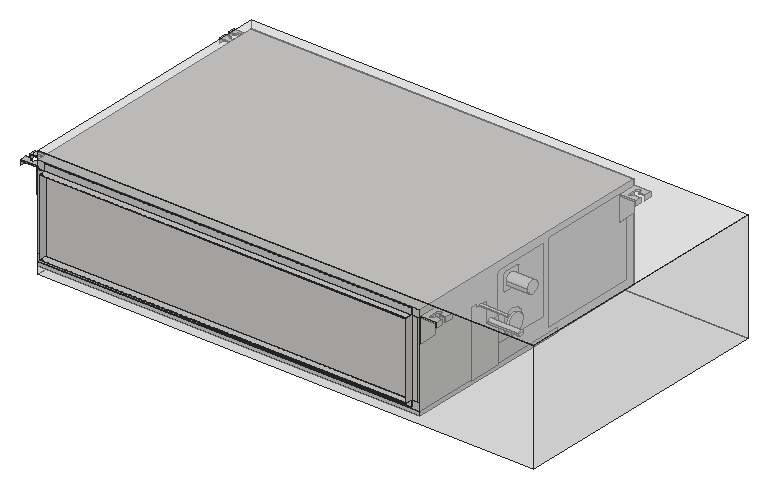
Revit family "outputfile", category 機械設備, Revit 2024
Family settings
  丸型コネクタ寸法 = 半径を使用
  パーツ タイプ = 標準
  OmniClass 番号 = 23.75.10.24.21.27.27
  OmniClass タイトル = Split System Air Conditioning Units
  作業面ベース = いいえ
  常に垂直 = はい
  ロード時にボイドで切り取り = いいえ
  注釈の向きを維持 = いいえ
  共有 = いいえ
  部屋計算ポイント = はい
Parameters (values of type "FPSQ50CV1")
  Description = ""
  書き出し IFC クラス(タイプ) = "IfcUnitaryEquipmentType"
  定義済み IFC タイプ(タイプ) = "AIRCONDITIONINGUNIT"
  Cost = 0
  Type Comments = ""
  Keynote = ""
  Type Image = (empty or 0)
  Assembly Code = ""
  w_RA Duct Size = if(Width = 1000.0 mm, 1000.0 mm, 1400.0 mm)  # 1000.0 mm
  r_HP/LP Gas Pipe Size = 4.75 mm
  lw_HP/LP Gas Pipe Size = 60.0 mm  # constant formula
  lh_HP/LP Gas Pipe Size = -103.0 mm
  ld_mountinghole = 24.0 mm  # constant formula
  ld_HP/LP Gas Pipe Size = 131.0 mm
  製造元 = "Daikin"
  モデル = "FPSQ50CV1"
  w_pipe = 33.0 mm
  r_Liquid Pipe Size = Liquid Pipe Size / 2  # 3.2 mm
  r_Gas Pipe Size = Gas Pipe Size / 2  # 6.35 mm
  r_Drain Pipe Size = Drain Pipe Size / 2  # 16.0 mm
  lw_powersupply = 49.5 mm
  lh_suctionflange [instance] = if(Rear Connection_Return Air, 125.0 mm + [h***], 190.0 mm + [h***])  # 125.0 mm
  ld_suctionflange [instance] = if(Rear Connection_Return Air, 190.0 mm, 126.5 mm)  # 190.0 mm
  ld_powersupply = 60.0 mm
  angle_vertical_RA [instance] = if(Rear Connection_Return Air, 90.00°, 0.00°)  # 90.00°
  angle horizontal_RA [instance] = if(Rear Connection_Return Air, 180.00°, 270.00°)  # 180.00°
  Voltage_comment_50Hz = "220 - 240"
  Voltage_50Hz = 230 V
  URL = ""
  Supply Air Direction [instance] = yes
  Sound Power Level_H speed (dB) = 0
  Rear Connection_Return Air [instance] = not(Bottom Connection_Return Air)  # yes
  RA_length = 190.0 mm  # constant formula
  Phase_50Hz = 1
  Minimum External Static Pressure = 50.00 Pa
  Minimum Circuit Amps_50Hz = 0.9 A
  Maximum Fuse Amps_50Hz = 16.0 A
  Maximum External Static Pressure = 80.00 Pa
  Material_Casing = DAIKIN_GalvanizedSteel_Casing_indoorunit
  lw_liquidpipe = 75.0 mm  # constant formula
  lw_gaspipe = 83.0 mm  # constant formula
  lw_mountinghole_pitch = Width + 45.0 mm  # 1045.0 mm
  lw_mountinghole = 20.0 mm  # constant formula
  lw_drainpipe = 58.0 mm  # constant formula
  lh_powersupply = 20.0 mm
  lh_liquidpipe = 175.0 mm
  lh_gaspipe = 124.0 mm
  lh_mountinghole = Height + [h***]  # 250.0 mm
  lh_drainpipe = 57.0 mm
  lh_antena = 1.0 mm  # constant formula
  ld_liquidpipe = 197.0 mm
  ld_gaspipe = 228.0 mm  # constant formula
  ld_mountinghole_pitch = 651.0 mm  # constant formula
  ld_drainpipe = 403.0 mm  # constant formula
  ld_controlbox = 626.0 mm  # constant formula
  h*** = 0.0 mm  # constant formula
  d_dischargeflange = 19.0 mm  # constant formula
  Width = 1000.0 mm
  Version = "ver.1.0"
  Unit Type = "Middle Static Ceiling Mounted Duct Type"
  Unit Mass Weight = 32.00 kg
  Unit Designation [instance] = ""
  Uniclass2015Version = "Products v1.30"
  Uniclass2015Title = "Variable refrigerant flow units"
  Uniclass2015Code = "Pr_70_65_03_94"
  Total Cooling Capacity [instance] = 0.000 kW
  Sound Pressure Level_M speed (dBA) = 32
  Sound Pressure Level_L speed (dBA) = 29
  Sound Pressure Level_H speed (dBA) = 35
  Series = "VRV HOME_Fan Coil Unit"
  Sensible Cooling Capacity [instance] = 0.000 kW
  SA Duct Size Width = 958.0 mm
  SA Duct Size Height = 198.0 mm
  Refrigerant Type = "R410A"
  RA Duct Size Width = 964.0 mm
  RA Duct Size Height [instance] = if(Rear Connection_Return Air, 214.0 mm, 217.0 mm)  # 214.0 mm
  Power Input (Cooling) = 0.151 kW
  Option Accessory 3 [instance] = ""
  Option Accessory 2 [instance] = ""
  Option Accessory 1 [instance] = ""
  Nominal Cooling Capacity = 5.600 kW
  Minimum Airflow = 738.00 m³/h
  Median Airflow = 894.00 m³/h
  Maximum Airflow = 1056.00 m³/h
  Load Classification = HVAC
  Liquid Pipe Size = 6.4 mm
  Link_Nested Family [instance] = ""
  IfcVersion = ""
  IfcExportType = "AIRCONDITIONINGUNIT"
  IfcExportAs = "IfcUnitaryEquipmentType"
  Height = 250.0 mm
  Heat Exchanger Type = "Cross Fin Coil"
  Gas Pipe Size = 12.7 mm
  Frequency_50Hz = 50 Hz
  Fan Type = "Sirocco Fan"
  Fan Drive = "Direct Drive"
  FCU Tag No. [instance] = ""
  Drain Pipe Size = 32.0 mm
  Design Supply Airflow [instance] = 0.00 m³/h
  Design Return Airflow [instance] = 0.00 m³/h
  Design External Static Pressure [instance] = 0.00 Pa
  Depth = 700.0 mm
  既定の高さ = 0.0 mm
  Cooling Entering Wet Bulb Temperature [instance] = 0.00 °C
  Cooling Entering Dry Bulb Temperature [instance] = 0.00 °C
  Cooling Ambient Wet Bulb Temperature [instance] = 0.00 °C
  Cooling Ambient Dry Bulb Temperature [instance] = 0.00 °C
  Clearance visibility [instance] = yes
  Clearance Top = 20.0 mm
  Clearance Right = 300.0 mm
  Clearance Rear = 0.0 mm
  Clearance Left = 0.0 mm
  Clearance Front = 0.0 mm
  Clearance Bottom = 20.0 mm
  Bottom Connection_Return Air [instance] = no
Reference planes
  plane 1 "Center (Front/Back)": y = 0
  plane 2: z = 0
  plane 3 "Center (Left/Right)": x = 0
  plane 4 "Back": y = 350
  plane 5 "Front": y = -350
  plane 6 "Left": x = -500
  plane 7 "Right": x = 500
  plane 8 "Top": z = 0
  plane 9 "Bottom": z = -250
  plane 10: x = 325
  plane 11: x = -330
  plane 12: z = -230
  plane 13: z = -6
  plane 14: z = -72
  plane 15: z = -75
  plane 16: z = -126
  plane 17: x = -304
  plane 18: x = -522.5
  plane 19: x = 522.5
  plane 20: y = -326
  plane 21: y = 325
  plane 22: x = -542.5
  plane 23: x = 390
  plane 24: x = 575
  plane 25: x = 583
  plane 26: x = 558
  plane 27: z = 0
  plane 28 "Clearance Left": x = -500
  plane 29 "Clearance Right": x = 800
  plane 30 "Clearance Rear": y = 350
  plane 31 "Clearance Front": y = -350
  plane 32 "Clearance Top": z = 20
  plane 33 "Clearance Bottom": z = -270
  plane 34: z = -14
  plane 35: z = -57
  plane 36: z = -146.5
  plane 37: x = 0
  plane 38: y = -122
  plane 39: y = -153
  plane 40: y = -30
  plane 41: y = -53
  plane 42: z = -119
  plane 43: y = -349
  plane 44: x = -499
  plane 45: z = -140
  plane 46: z = -80
  plane 47: y = 210
  plane 48: z = -249
  plane 49: y = 160
  plane 50: z = -151
  plane 51: x = 530
  plane 52: z = 11
  plane 53: z = 97.5
  plane 54: y = -219
Forms (mm)
  Extrusion 1, solid, material "DAIKIN_GalvanizedSteel_Casing_indoorunit" <- "Material_Casing"
    sketch origin (0, 0, 0) x (1, 0, 0) y (0, 1, 0)
      loop
        line (-500, -350) -> (500, -350) -> (500, 350) -> (-500, 350) -> (-500, -350)
    from -250 to 0
  Revolve 2, solid, material "DAIKIN_GalvanizedSteel_Casing_indoorunit" <- "Material_Casing"
    sketch origin (0, 0, -126) x (0, -1, 0) y (1, 0, 0)
      loop
        line (115.65, 500) -> (122, 500) -> (122, 583) -> (115.65, 583) -> (115.65, 500)
      axis (122, 500) -> (122, 583)
    angle from 0 to 360
  Revolve 3, solid, material "DAIKIN_GalvanizedSteel_Casing_indoorunit" <- "Material_Casing"
    sketch origin (0, 0, -75) x (0, -1, 0) y (1, 0, 0)
      loop
        line (153, 500) -> (153, 575) -> (149.8, 575) -> (149.8, 500) -> (153, 500)
      axis (153, 575) -> (153, 500)
    angle from 0 to 360
  Extrusion 4, solid, material "DAIKIN_GalvanizedSteel_Casing_indoorunit" <- "Material_Casing"
    sketch origin (500, 0, 33.75) x (0, 1, 0) y (0, 0, 1)
      loop
        circle (-53, -90.75) r 16
    from 0 to 58
  Extrusion 5, solid, material "DAIKIN_GalvanizedSteel_Casing_indoorunit" <- "Material_Casing"
    sketch origin (0, 0, 0) x (1, 0, 0) y (0, 0, 1)
      loop
        line (-500, -240) -> (-500, -250) -> (500, -250) -> (500, -240) -> (-500, -240)
    from -97 to 350
  Extrusion 6, solid, material "DAIKIN_GalvanizedSteel_Casing_indoorunit" <- "Material_Casing"
    sketch origin (500, 0, 0) x (0, 1, 0) y (0, 0, 1)
      loop
        circle (-49.014, -158.014) r 22.5
    from 11.3 to 0
  Extrusion 7, solid, material "DAIKIN_GalvanizedSteel_Casing_indoorunit" <- "Material_Casing"
    sketch origin (500, 0, 0) x (0, 1, 0) y (0, 0, 1)
      loop
        circle (-49.014, -158.014) r 30
    from 0 to 3
  Extrusion 8, solid, material "DAIKIN_GalvanizedSteel_Casing_indoorunit" <- "Material_Casing"
    sketch origin (500, 0, 0) x (0, 1, 0) y (0, 0, 1)
      loop
        arc (-94.014, -189.014) -> (-93.135, -191.135) -> (-91.014, -192.014) r 3
        line (-91.014, -192.014) -> (49.986, -192.014)
        arc (49.986, -192.014) -> (52.108, -191.135) -> (52.986, -189.014) r 3
        line (52.986, -189.014) -> (52.986, -25.014)
        arc (52.986, -25.014) -> (52.108, -22.892) -> (49.986, -22.014) r 3
        line (49.986, -22.014) -> (-91.014, -22.014)
        arc (-91.014, -22.014) -> (-93.135, -22.892) -> (-94.014, -25.014) r 3
        line (-94.014, -25.014) -> (-94.014, -189.014)
      loop
        line (-78.486, -40.478) -> (-78.486, -73.478)
        arc (-78.486, -73.478) -> (-75.855, -79.845) -> (-69.494, -82.486) r 9
        line (-69.494, -82.486) -> (-36.492, -82.486)
        arc (-36.492, -82.486) -> (-30.134, -79.848) -> (-27.486, -73.494) r 9.023
        line (-27.486, -73.494) -> (-27.486, -40.478)
        arc (-27.486, -40.478) -> (-30.122, -34.122) -> (-36.478, -31.486) r 9
        line (-36.478, -31.486) -> (-69.494, -31.486)
        arc (-69.494, -31.486) -> (-75.85, -34.122) -> (-78.486, -40.478) r 9
    from 0 to 1
  Extrusion 9, solid, material "DAIKIN_GalvanizedSteel_Casing_indoorunit" <- "Material_Casing"
    sketch origin (500, 0, 0) x (0, 1, 0) y (0, 0, 1)
      loop
        line (72.008, -16.198) -> (72.008, -225) -> (324.002, -225) -> (324.002, -83.198) -> (299.002, -83.198) -> (299.002, -16.198) -> (72.008, -16.198)
    from 0 to 1
  Extrusion 10, solid, material "DAIKIN_GalvanizedSteel_Casing_indoorunit"
    sketch origin (500, 0, 0) x (0, 1, 0) y (0, 0, 1)
      loop
        line (-96.045, -240) -> (-96.045, -126.163) -> (-136.045, -126.163) -> (-136.045, -75.163) -> (-166.999, -75.163) -> (-166.999, -70.163) -> (-181.045, -70.163) -> (-181.045, -240) -> (-96.045, -240)
    from 0 to 1
Dimensions and locks
  "lh_powersupply": plane 12 to plane 9 "Bottom"
  locked: plane 8 "Top" to plane 13 at 6
  "Height": plane 8 "Top" to plane 9 "Bottom"
  locked: plane 17 to plane 3 "Center (Left/Right)" at 304
  equal spacing: plane 18, plane 3 "Center (Left/Right)", plane 19
  "lw_mountinghole_pitch": plane 18 to plane 19
  locked: plane 14 to plane 9 "Bottom" at 178
  "lw_mountinghole": plane 22 to plane 18
  "lh_liquidpipe": plane 15 to plane 9 "Bottom"
  "lh_gaspipe": plane 16 to plane 9 "Bottom"
  "lh_mountinghole": plane 27 to plane 9 "Bottom"
  "ld_mountinghole_pitch": plane 21 to plane 20
  equal spacing: plane 6 "Left", plane 3 "Center (Left/Right)", plane 7 "Right"
  "Width": plane 6 "Left" to plane 7 "Right"
  "Clearance Right": plane 7 "Right" to plane 29 "Clearance Right"
  "Clearance Left": plane 28 "Clearance Left" to plane 6 "Left"
  "lw_gaspipe": plane 7 "Right" to plane 25
  "lw_liquidpipe": plane 7 "Right" to plane 24
  "lw_drainpipe": plane 7 "Right" to plane 26
  "Clearance Rear": plane 30 "Clearance Rear" to plane 4 "Back"
  "Clearance Front": plane 5 "Front" to plane 31 "Clearance Front"
  "Clearance Top": plane 32 "Clearance Top" to plane 8 "Top"
  "Clearance Bottom": plane 9 "Bottom" to plane 33 "Clearance Bottom"
  plane 8 "Top" to plane 34 = 14.0 mm
  "lh_drainpipe": plane 8 "Top" to plane 35
  locked: plane 36 to plane 9 "Bottom" at 103.5
  locked: plane 34 to plane 42 at 105
  "Depth": plane 4 "Back" to plane 5 "Front"
  equal spacing: plane 4 "Back", plane 1 "Center (Front/Back)", plane 5 "Front"
  locked: plane 43 to plane 5 "Front" at 1
  locked: plane 44 to plane 6 "Left" at 1
  locked: plane 12 to plane 45 at 90
  plane 47 to nested 13 = 122.0 mm
  locked: plane 48 to plane 9 "Bottom" at 1
  "ld_suctionflange": plane 4 "Back" to plane 49
  locked: plane 50 to plane 9 "Bottom" at 99
  locked: plane 51 to plane 7 "Right" at 30
  "r_Gas Pipe Size": Revolve 2 sketch curve to Revolve 2 sketch curve
  "ld_gaspipe": plane 38 to plane 5 "Front"
  "r_Liquid Pipe Size": Revolve 3 sketch curve to plane 39
  "ld_liquidpipe": plane 39 to plane 5 "Front"
  "ld_drainpipe": plane 4 "Back" to plane 41
  "ld_HP/LP Gas Pipe Size": plane 54 to plane 5 "Front"
  plane 8 "Top" to plane 15 = 75.0 mm
  "ld_mountinghole": plane 20 to plane 5 "Front"
  locked: plane 8 "Top" to nested 16 at 20
  equal spacing: plane 6 "Left", plane 37, plane 7 "Right"
  "ld_gaspipe": plane 5 "Front" to Revolve 2 sketch curve
  locked: plane 46 to plane 9 "Bottom" at 170
  "r_Drain Pipe Size": radius of Extrusion 4 sketch curve
  aligned and locked: level to plane 2
  aligned and locked: Extrusion 1 to plane 9 "Bottom"
  aligned and locked: plane 8 "Top" to Extrusion 1
  aligned and locked: Revolve 2 sketch curve to Revolve 2 sketch curve
  aligned and locked: plane 24 to nested 6
  aligned and locked: nested 6 to plane 15
  aligned and locked: nested 2 to plane 21
  aligned and locked: plane 19 to nested 2
  aligned and locked: plane 19 to nested 3
  aligned and locked: plane 18 to nested 4
  aligned and locked: plane 21 to nested 5
  aligned and locked: nested 5 to plane 21
  aligned and locked: plane 18 to nested 5
  aligned and locked: Extrusion 5 to plane 5 "Front"
  aligned and locked: Extrusion 5 to plane 9 "Bottom"
  aligned and locked: nested 7 to plane 16
  aligned and locked: plane 38 to nested 7
  aligned and locked: plane 39 to nested 6
  aligned and locked: Extrusion 4 sketch curve to plane 41
  aligned and locked: plane 4 "Back" to nested 12
  aligned and locked: plane 29 "Clearance Right" to nested 14
  aligned and locked: plane 28 "Clearance Left" to nested 14
  aligned and locked: nested 14 to plane 31 "Clearance Front"
  aligned and locked: nested 14 to plane 32 "Clearance Top"
  aligned and locked: nested 14 to plane 33 "Clearance Bottom"
  aligned and locked: nested 8 to plane 35
  aligned and locked: nested 10 to plane 1 "Center (Front/Back)"
  aligned and locked: plane 3 "Center (Left/Right)" to nested 10
  aligned and locked: plane 42 to nested 9
  aligned and locked: level to plane 8 "Top"
  aligned and locked: plane 3 "Center (Left/Right)" to nested 1
  aligned and locked: Extrusion 1 sketch curve to plane 5 "Front"
  aligned and locked: plane 3 "Center (Left/Right)" to nested 16
  aligned and locked: plane 5 "Front" to nested 16
  aligned and locked: nested 9 to plane 5 "Front"
  aligned and locked: plane 39 to Revolve 3 sketch curve  (x2)
  aligned and locked: plane 7 "Right" to nested 7
  aligned and locked: plane 7 "Right" to nested 8
  aligned and locked: plane 41 to nested 8
  aligned and locked: plane 1 "Center (Front/Back)" to nested 1
  aligned and locked: nested 4 to plane 20
  aligned and locked: nested 3 to plane 20
  aligned and locked: plane 37 to nested 15
  aligned and locked: nested 15 to plane 49
  aligned and locked: plane 7 "Right" to Revolve 3 sketch curve
  aligned and locked: plane 7 "Right" to Revolve 2 sketch curve
  aligned and locked: Revolve 2 sketch curve to nested 7
  aligned and locked: plane 8 "Top" to nested 12
  aligned and locked: plane 3 "Center (Left/Right)" to nested 12
  aligned and locked: plane 3 "Center (Left/Right)" to nested 13
  aligned and locked: plane 9 "Bottom" to nested 13
  aligned and locked: plane 30 "Clearance Rear" to nested 14
  aligned and locked: plane 4 "Back" to nested 13
  aligned and locked: plane 7 "Right" to nested 11
  aligned and locked: plane 26 to Extrusion 4
Automatic sketch dimensions
  Extrusion 1 sketch curve to plane 4 "Back" = 0.0 mm
  Extrusion 1 sketch curve to plane 6 "Left" = 0.0 mm
  Extrusion 1 sketch curve to plane 7 "Right" = 0.0 mm
  Revolve 2 sketch curve to plane 37 = 57.997 mm
  plane 24 to Revolve 2 sketch curve = 1.003 mm
  Revolve 3 sketch curve to plane 24 = 0.0 mm  (x2)
  Revolve 3 sketch curve to Revolve 3 sketch curve = 1.0 mm
  Extrusion 5 sketch curve to plane 6 "Left" = 0.0 mm
  Extrusion 5 sketch curve to plane 7 "Right" = 0.0 mm
  Extrusion 5 sketch curve to plane 9 "Bottom" = 0.0 mm
  Extrusion 5 sketch curve to plane 12 = 10.0 mm
  plane 35 to Extrusion 4 sketch curve = 0.0 mm
  plane 38 to Extrusion 6 sketch curve = 72.986 mm
  plane 12 to Extrusion 6 sketch curve = 71.986 mm
  plane 41 to Extrusion 7 sketch curve = 3.986 mm
  Extrusion 7 sketch curve to plane 50 = 7.014 mm
  plane 38 to Extrusion 8 sketch curve = 27.986 mm
  Extrusion 8 sketch curve to Extrusion 8 sketch curve = 3.0 mm  (x3)
  Extrusion 8 sketch curve to plane 14 = 1.478 mm
  Extrusion 8 sketch curve to plane 41 = 25.486 mm
  Extrusion 8 sketch curve to plane 46 = 2.486 mm
  Extrusion 8 sketch curve to Extrusion 8 sketch curve = 8.992 mm  (x2)
  Extrusion 8 sketch curve to plane 14 = 1.486 mm
  Extrusion 8 sketch curve to Extrusion 8 sketch curve = 9.0 mm
  Extrusion 8 sketch curve to plane 14 = 1.463 mm
  Extrusion 8 sketch curve to plane 40 = 6.509 mm
  Extrusion 8 sketch curve to plane 40 = 6.492 mm
  Extrusion 8 sketch curve to plane 40 = 6.486 mm
  Extrusion 8 sketch curve to plane 40 = 6.478 mm
  Extrusion 8 sketch curve to plane 14 = 1.494 mm
  Extrusion 8 sketch curve to plane 34 = 8.014 mm
  Extrusion 8 sketch curve to plane 1 "Center (Front/Back)" = 49.986 mm  (x2)
  Extrusion 8 sketch curve to plane 50 = 38.014 mm
  plane 35 to Extrusion 8 sketch curve = 16.514 mm
  Extrusion 8 sketch curve to Extrusion 8 sketch curve = 32.977 mm
  Extrusion 8 sketch curve to Extrusion 8 sketch curve = 0.008 mm
  Extrusion 9 sketch curve to plane 34 = 2.198 mm
  Extrusion 9 sketch curve to plane 1 "Center (Front/Back)" = 72.008 mm
  Extrusion 9 sketch curve to plane 46 = 3.198 mm
  Extrusion 9 sketch curve to plane 21 = 25.998 mm
  Extrusion 9 sketch curve to plane 21 = 0.998 mm  (x2)
  plane 12 to Extrusion 9 sketch curve = 5.0 mm
  plane 48 to Extrusion 10 sketch curve = 9.0 mm
  Extrusion 10 sketch curve to plane 39 = 28.045 mm
  Extrusion 10 sketch curve to plane 15 = 0.163 mm
  Extrusion 10 sketch curve to plane 39 = 13.999 mm
  Extrusion 10 sketch curve to plane 16 = 0.163 mm
  Extrusion 10 sketch curve to plane 38 = 14.045 mm
  plane 38 to Extrusion 10 sketch curve = 25.955 mm
  plane 14 to Extrusion 10 sketch curve = 1.837 mm
  radius of Extrusion 6 sketch curve = 22.5 mm
  radius of Extrusion 7 sketch curve = 30.0 mm
Nested families
  nested 1: "daikin_hangerfixture_FPSQ-CV1" at (0, 0, -15.5), type "daikin_hangerfixture_FPSQ-CV1"
  nested 2: "daikin_mountinghole" at (522.5, 325, -265.5), l_antenna <- "lh_antena", Link_Nested Family <- "Link_Nested Family", h_mountinghole <- "lh_mountinghole", type "daikin_mountinghole"
    with show yes, l_antenna 1.0 mm, h_mountinghole 250.0 mm, Link_Nested Family ""
  nested 3: "daikin_mountinghole" at (522.5, -326, -265.5), Link_Nested Family <- "Link_Nested Family", l_antenna <- "lh_antena", h_mountinghole <- "lh_mountinghole", type "daikin_mountinghole"
    with show yes, l_antenna 1.0 mm, h_mountinghole 250.0 mm, Link_Nested Family ""
  nested 4: "daikin_mountinghole" at (-522.5, -326, -265.5), l_antenna <- "lh_antena", Link_Nested Family <- "Link_Nested Family", h_mountinghole <- "lh_mountinghole", type "daikin_mountinghole"
    with show yes, l_antenna 1.0 mm, h_mountinghole 250.0 mm, Link_Nested Family ""
  nested 5: "daikin_mountinghole" at (-522.5, 325, -265.5), l_antenna <- "lh_antena", Link_Nested Family <- "Link_Nested Family", h_mountinghole <- "lh_mountinghole", type "daikin_mountinghole"
    with show yes, l_antenna 1.0 mm, h_mountinghole 250.0 mm, Link_Nested Family ""
  nested 6: "daikin_connector_rotate2" at (500, -153, -75) x (0, 1, 0) z (0, 0, 1), length <- "lw_liquidpipe", built-in parameter 1001364 <- "lh_liquidpipe", radius <- "r_Liquid Pipe Size", type "daikin_connector_rotate2"
    with radius 3.2 mm, length 75.0 mm, angle_vertical 90.00°
  nested 7: "daikin_connector_rotate2" at (500, -122, -126) x (0, 1, 0) z (0, 0, 1), length <- "lw_gaspipe", built-in parameter 1001364 <- "lh_gaspipe", radius <- "r_Gas Pipe Size", type "daikin_connector_rotate2"
    with radius 6.35 mm, length 83.0 mm, angle_vertical 90.00°
  nested 8: "daikin_connector_rotate2" at (500, -53, -57) x (0, 1, 0) z (0, 0, 1), built-in parameter 1001364 <- "lh_drainpipe", radius <- "r_Drain Pipe Size", length <- "lw_drainpipe", type "daikin_connector_rotate2"
    with radius 16.0 mm, length 58.0 mm, angle_vertical 90.00°
  nested 9: "daikin_connector_rotate2" at (0, -350, -119), length <- "d_dischargeflange", type "daikin_connector_rotate2"
    with radius 10.0 mm, length 19.0 mm, angle_vertical 90.00°
  nested 10: "daikin_△_symbolicline" at (-75, -129.904, 250) x (-0.5, 0.866, 0) z (0, 0, 1), built-in parameter 1001364 <- "Height", visible <- "Supply Air Direction", type "daikin_△_symbolicline"
    with length 300.0 mm
  nested 11: "daikin_connector_rotate2" at (440, 273.008, -220) x (0, 1, 0) z (0, 0, 1), type "daikin_connector_rotate2"
    with radius 10.0 mm, length 60.0 mm, angle_vertical 90.00°
  nested 12: "daikin_ductflange_FPSQ-CV1_2" at (0, 350, -125), material <- "Material_Casing", visible <- "Rear Connection_Return Air", width <- "w_RA Duct Size", type "daikin_ductflange_FPSQ-CV1_2"
    with width 1000.0 mm, material DAIKIN_GalvanizedSteel_Casing_indoorunit, height 214.0 mm, depth 21.2 mm
  nested 13: "daikin_ductflange_FPSQ-CV1_2" at (0, 225, -250) x (1, 0, 0) z (0, 1, 0), material <- "Material_Casing", visible <- "Bottom Connection_Return Air", width <- "w_RA Duct Size", height <- "RA Duct Size Height", type "daikin_ductflange_FPSQ-CV1_2"
    with width 1000.0 mm, material DAIKIN_GalvanizedSteel_Casing_indoorunit, height 214.0 mm, depth 21.0 mm
  nested 14: "daikin_clearancespace" at (150, 0, -124.881), visible <- "Clearance visibility", show <- "Clearance visibility", Link_Nested Family <- "Link_Nested Family", type "daikin_clearancespace"
    with width 1300.0 mm, show yes, height 290.0 mm, depth 700.0 mm, Link_Nested Family ""
  nested 15: "daikin_connector_rotate3" at (0, 160, -125), built-in parameter 1001364 <- "lh_suctionflange", angle_vertical <- "angle_vertical_RA", angle_horizontal <- "angle horizontal_RA", length <- "RA_length", type "daikin_connector_rotate3"
    with show no, radius 10.0 mm, length 190.0 mm, angle_vertical 90.00°, angle_horizontal 180.00°
  nested 16: "daikin_ductflange_FPSQ-CV1_1" at (0, -36.5, -408.201), width <- "SA Duct Size Width", type "daikin_ductflange_FPSQ-CV1_1"
    with width 958.0 mm, material DAIKIN_GalvanizedSteel_Casing_indoorunit, height 200.0 mm, depth 19.0 mm
Connectors
  piping at (583, -122, -126), diameter 12.7, driven by "r_Gas Pipe Size"
    settings: on nested 7, index 1, connector inside diameter 609.6 mm, connector length 0.0 mm, flow factor 0, pipe flow 0.00 m³/h, pressure drop 0.0 Pa, fitting loss kfactor 0, connector angle 0.00°, fixture units 0, engagement length 0.0 mm, angle of deflection 0.00°, flow configuration 1, flow direction 2, fitting loss method 0, system type 29, joint type 0, gender type 0, connector reference index -1, connector utility 0, adjustable connector no, is connector primary yes, connector description "Refrigerant Gas Piping"
  piping at (575, -153, -75), diameter 6.4, driven by "r_Liquid Pipe Size"
    settings: on nested 6, index 2, connector inside diameter 609.6 mm, connector length 0.0 mm, flow factor 0, pipe flow 0.00 m³/h, pressure drop 0.0 Pa, fitting loss kfactor 0, connector angle 0.00°, fixture units 0, engagement length 0.0 mm, angle of deflection 0.00°, flow configuration 1, flow direction 1, fitting loss method 0, system type 29, joint type 0, gender type 0, connector reference index -1, connector utility 0, adjustable connector no, is connector primary no, connector description "Refrigerant Liquid Piping"
  piping at (558, -53, -57), diameter 32, driven by "r_Drain Pipe Size"
    settings: on nested 8, index 3, connector inside diameter 609.6 mm, connector length 0.0 mm, flow factor 0, pipe flow 0.00 m³/h, pressure drop 0.0 Pa, fitting loss kfactor 0, connector angle 0.00°, fixture units 0, engagement length 0.0 mm, angle of deflection 0.00°, flow configuration 1, flow direction 2, fitting loss method 4, system type 16, joint type 0, gender type 0, connector reference index -1, connector utility 0, adjustable connector no, is connector primary no, connector description "Condensate Drain Piping"
  electrical at (500, 273.008, -220), driven by "Load Classification"
    settings: on nested 11, index 9, voltage 0 V, apparent load 0 VA, apparent load phase1 0 VA, apparent load phase2 0 VA, apparent load phase3 0 VA, power factor 1, load classification "HVAC", number of poles 1, system type 30, power factor state 1, is connector primary yes, connector utility no, sub classification motor no, connector description "Power Supply"
  hvac at (0, -369, -119), driven by "SA Duct Size Height", driven by "SA Duct Size Width"
    settings: on nested 9, index 11, duct flow 0.00 m³/h, flow factor 0, pres drop 0.00 Pa, loss coef 0, conn angle 0.00°, conn width 958.0 mm, conn height 198.0 mm, conn diameter 609.6 mm, duct sys type 1, conn prof type 1, flow config 0, flow direction 2, loss method 4, conn ref index -1, conn util no, is conn primary yes, conn desc "SA Duct"
  hvac at (0, 350, -125), driven by "RA Duct Size Height", driven by "RA Duct Size Width"
    settings: on nested 15, index 12, duct flow 0.00 m³/h, flow factor 0, pres drop 0.00 Pa, loss coef 0, conn angle 0.00°, conn width 964.0 mm, conn height 214.0 mm, conn diameter 609.6 mm, duct sys type 2, conn prof type 1, flow config 0, flow direction 1, loss method 4, conn ref index -1, conn util no, is conn primary no, conn desc "RA Duct"
  piping at (583, -122, -126), diameter 12.7, driven by "r_Gas Pipe Size"
    settings: on nested 7, index 13, connector inside diameter 609.6 mm, connector length 0.0 mm, flow factor 0, pipe flow 0.00 m³/h, pressure drop 0.0 Pa, fitting loss kfactor 0, connector angle 0.00°, fixture units 0, engagement length 0.0 mm, angle of deflection 0.00°, flow configuration 1, flow direction 2, fitting loss method 0, system type 29, joint type 0, gender type 0, connector reference index -1, connector utility 0, adjustable connector no, is connector primary no, connector description "Refrigerant Gas Piping"
Definition of nested family "daikin_hangerfixture_FPSQ-CV1"
  Parameters (values of type "daikin_hangerfixture_FPSQ-CV1")
    width = 1000.0 mm
    material = none
    height = 65.0 mm
    depth = 699.0 mm
    Default Elevation = 0.0 mm
  Reference planes
    plane 1 "Center (Front/Back)": y = 0
    plane 2: z = 0
    plane 3 "Center (Left/Right)": x = 0
    plane 4: x = 500
    plane 5: y = 349
    plane 6: y = -350
    plane 7: x = -500
  Forms (mm)
    Extrusion 1, solid, material <- "material"
      sketch origin (0, 0, 0) x (-1, 0, 0) y (0, 0, -1)
        loop
          line (500, 0) -> (545, 0) -> (545, 11.998) -> (542.7, 11.998) -> (542.7, 2.298) -> (502.108, 2.298) -> (502.108, 64.997) -> (500, 64.997) -> (500, 0)
      from -349 to 350
    Extrusion 2, void
      sketch origin (0, 0, 0) x (1, 0, 0) y (0, 1, 0)
        loop
          line (-545, 301) -> (-545, -302) -> (-500, -302) -> (-500, 301) -> (-545, 301)
        loop
          line (-545, -319.499) -> (-545, -332.501) -> (-529.997, -332.501)
          arc (-529.997, -332.501) -> (-529.291, -332.793) -> (-528.998, -333.5) r 0.998
          line (-528.998, -333.5) -> (-528.998, -335)
          arc (-528.998, -335) -> (-522.999, -340.999) -> (-517, -335) r 5.999
          line (-517, -335) -> (-517, -317)
          arc (-517, -317) -> (-522.999, -311.001) -> (-528.998, -317) r 5.999
          line (-528.998, -317) -> (-528.998, -318.5)
          arc (-528.998, -318.5) -> (-529.291, -319.207) -> (-529.997, -319.499) r 0.998
          line (-529.997, -319.499) -> (-545, -319.499)
        loop
          line (-545, 331.502) -> (-545, 318.5) -> (-529.997, 318.5)
          arc (-529.997, 318.5) -> (-529.291, 318.208) -> (-528.998, 317.501) r 0.998
          line (-528.998, 317.501) -> (-528.998, 316.001)
          arc (-528.998, 316.001) -> (-522.999, 310.002) -> (-517, 316.001) r 5.999
          line (-517, 316.001) -> (-517, 334.001)
          arc (-517, 334.001) -> (-522.999, 340) -> (-528.998, 334.001) r 5.999
          line (-528.998, 334.001) -> (-528.998, 332.5)
          arc (-528.998, 332.5) -> (-529.291, 331.794) -> (-529.997, 331.502) r 0.998
          line (-529.997, 331.502) -> (-545, 331.502)
      from 0 to -80
    Extrusion 3, solid, material <- "material"
      sketch origin (0, 0, 0) x (1, 0, 0) y (0, 0, 1)
        loop
          line (500, 0) -> (500, -64.997) -> (502.108, -64.997) -> (502.108, -2.298) -> (542.7, -2.298) -> (542.7, -11.998) -> (545, -11.998) -> (545, 0) -> (500, 0)
      from -349 to 350
    Extrusion 4, void
      sketch origin (0, 0, 0) x (-1, 0, 0) y (0, -1, 0)
        loop
          line (-545, -301) -> (-500, -301) -> (-500, 302) -> (-545, 302) -> (-545, -301)
        loop
          line (-517, 317) -> (-517, 335)
          arc (-517, 335) -> (-522.999, 340.999) -> (-528.998, 335) r 5.999
          line (-528.998, 335) -> (-528.998, 333.5)
          arc (-528.998, 333.5) -> (-529.291, 332.793) -> (-529.997, 332.501) r 0.998
          line (-529.997, 332.501) -> (-545, 332.501) -> (-545, 319.499) -> (-529.997, 319.499)
          arc (-529.997, 319.499) -> (-529.291, 319.207) -> (-528.998, 318.5) r 0.998
          line (-528.998, 318.5) -> (-528.998, 317)
          arc (-528.998, 317) -> (-522.999, 311.001) -> (-517, 317) r 5.999
        loop
          line (-545, -331.502) -> (-529.997, -331.502)
          arc (-529.997, -331.502) -> (-529.291, -331.794) -> (-528.998, -332.5) r 0.998
          line (-528.998, -332.5) -> (-528.998, -334.001)
          arc (-528.998, -334.001) -> (-522.999, -340) -> (-517, -334.001) r 5.999
          line (-517, -334.001) -> (-517, -316.001)
          arc (-517, -316.001) -> (-522.999, -310.002) -> (-528.998, -316.001) r 5.999
          line (-528.998, -316.001) -> (-528.998, -317.501)
          arc (-528.998, -317.501) -> (-529.291, -318.208) -> (-529.997, -318.5) r 0.998
          line (-529.997, -318.5) -> (-545, -318.5) -> (-545, -331.502)
      from 0 to -80
  Cuts and joins
    Extrusion 2, Extrusion 4 cuts Extrusion 1
    Extrusion 4 cuts Extrusion 3
  Dimensions and locks
    plane 5 to plane 1 "Center (Front/Back)" to plane 6 = 349.0 mm, 350.0 mm
    "depth": plane 5 to plane 6
    plane 6 to plane 1 "Center (Front/Back)" to plane 5 = 350.0 mm, 349.0 mm
    equal spacing: plane 7, plane 3 "Center (Left/Right)", plane 4
    "width": plane 7 to plane 4
    plane 7 to Extrusion 1 sketch curve = 2.108 mm
    level to Extrusion 1 sketch curve = 11.998 mm
    plane 7 to Extrusion 1 sketch curve = 45.0 mm
    Extrusion 1 sketch curve to Extrusion 1 sketch curve = 2.3 mm
    plane 2 to Extrusion 1 sketch curve = 64.997 mm
    Extrusion 3 sketch curve to Extrusion 3 sketch curve = 2.3 mm
    aligned and locked: level to plane 2
    aligned and locked: Extrusion 1 sketch curve to plane 7
    aligned and locked: plane 2 to Extrusion 1 sketch curve
    aligned and locked: plane 5 to Extrusion 1
    aligned and locked: plane 6 to Extrusion 1
  Automatic sketch dimensions
    Extrusion 1 sketch curve to level = 2.298 mm
    Extrusion 2 sketch curve to plane 7 = 0.0 mm
    Extrusion 2 sketch curve to plane 7 = 17.0 mm  (x2)
    Extrusion 2 sketch curve to Extrusion 2 sketch curve = 5.999 mm  (x4)
    Extrusion 2 sketch curve to Extrusion 2 sketch curve = 0.998 mm  (x4)
    Extrusion 2 sketch curve to Extrusion 2 sketch curve = 15.003 mm  (x2)
    Extrusion 2 sketch curve to Extrusion 2 sketch curve = 0.0 mm
    plane 6 to Extrusion 2 sketch curve = 15.0 mm
    Extrusion 2 sketch curve to Extrusion 2 sketch curve = 1.5 mm  (x4)
    Extrusion 2 sketch curve to Extrusion 2 sketch curve = 13.002 mm  (x2)
    Extrusion 2 sketch curve to Extrusion 2 sketch curve = 15.0 mm
    Extrusion 2 sketch curve to plane 5 = 48.0 mm
    Extrusion 2 sketch curve to Extrusion 2 sketch curve = 15.001 mm
    Extrusion 3 sketch curve to level = 0.0 mm
    Extrusion 3 sketch curve to plane 4 = 0.0 mm
    plane 4 to Extrusion 3 sketch curve = 2.108 mm
    Extrusion 3 sketch curve to level = 2.298 mm
    Extrusion 3 sketch curve to Extrusion 3 sketch curve = 40.592 mm
    Extrusion 3 sketch curve to Extrusion 3 sketch curve = 9.7 mm
    Extrusion 3 sketch curve to Extrusion 3 sketch curve = 62.7 mm
    Extrusion 4 sketch curve to plane 4 = 0.0 mm
    plane 4 to Extrusion 4 sketch curve = 17.0 mm  (x2)
    Extrusion 4 sketch curve to Extrusion 4 sketch curve = 5.999 mm  (x3)
    Extrusion 4 sketch curve to Extrusion 4 sketch curve = 0.998 mm  (x4)
    Extrusion 4 sketch curve to Extrusion 4 sketch curve = 15.003 mm  (x2)
    Extrusion 4 sketch curve to plane 5 = 14.999 mm
    Extrusion 4 sketch curve to Extrusion 4 sketch curve = 1.5 mm  (x4)
    Extrusion 4 sketch curve to Extrusion 4 sketch curve = 13.002 mm  (x2)
    Extrusion 4 sketch curve to Extrusion 4 sketch curve = 17.5 mm
    plane 6 to Extrusion 4 sketch curve = 48.0 mm
    Extrusion 4 sketch curve to Extrusion 4 sketch curve = 0.0 mm
    Extrusion 4 sketch curve to Extrusion 4 sketch curve = 12.997 mm
    Extrusion 4 sketch curve to Extrusion 4 sketch curve = 15.0 mm
Definition of nested family "daikin_ductflange_FPSQ-CV1_2"
  Parameters (values of type "daikin_ductflange_FPSQ-CV1_2")
    width [instance] = 620.0 mm
    material [instance] = none
    height [instance] = 214.0 mm
    depth [instance] = 21.2 mm
    Default Elevation = 0.0 mm
  Reference planes
    plane 1 "Center (Front/Back)": y = 0
    plane 2: z = 0
    plane 3 "Center (Left/Right)": x = 0
    plane 4: y = -313.5
    plane 5: y = -334.7
    plane 6: x = -310
    plane 7: x = 310
    plane 8: z = 107
    plane 9: z = -107
    plane 10: z = 125
    plane 11: z = -125
    plane 12: x = -309
    plane 13: x = 309
  Forms (mm)
    Extrusion 1, solid, material <- "material"
      sketch origin (0, 0, 0) x (1, 0, 0) y (0, 0, 1)
        loop
          line (-292, 107) -> (-292, -107) -> (292, -107) -> (292, 107) -> (-292, 107)
        loop
          line (-310, -125) -> (310, -125) -> (310, 125) -> (-310, 125) -> (-310, -125)
      from 0 to 1
  Dimensions and locks
    plane 4 to plane 1 "Center (Front/Back)" = 313.5 mm
    "depth": plane 5 to plane 4
    equal spacing: plane 7, plane 3 "Center (Left/Right)", plane 6, locked at 310 each
    "width": plane 7 to plane 6
    equal spacing: plane 8, level, plane 9
    "height": plane 8 to plane 9
    plane 12 to plane 6 = 1.0 mm
    locked: plane 7 to plane 13 at 1
    locked: Extrusion 1 sketch curve to plane 6 at 18
    locked: plane 7 to Extrusion 1 sketch curve at 18
    locked: plane 10 to plane 8 at 18
    locked: plane 9 to plane 11 at 18
    aligned and locked: level to plane 2
    aligned and locked: plane 8 to Extrusion 1
    aligned and locked: plane 9 to Extrusion 1
    aligned and locked: Extrusion 1 sketch curve to plane 10
    aligned and locked: plane 6 to Extrusion 1 sketch curve
    aligned and locked: plane 7 to Extrusion 1 sketch curve
    aligned and locked: Extrusion 1 sketch curve to plane 11
    aligned and locked: plane 9 to Extrusion 1 sketch curve
    aligned and locked: Extrusion 1 sketch curve to plane 8
Definition of nested family "daikin_clearancespace"
  Parameters (values of type "daikin_clearancespace")
    Description = "daikin_clearancespace"
    width [instance] = 1823.963 mm
    show [instance] = yes
    material = none
    height [instance] = 1359.762 mm
    depth [instance] = 880.0 mm
    Default Elevation = 0.0 mm
    Link_Nested Family [instance] = ""
  Reference planes
    plane 1 "Center (Front/Back)": y = 0
    plane 2 "Center (Elevation)": z = -0.119
    plane 3 "Center (Left/Right)": x = 0
    plane 4: y = 440
    plane 5: y = -440
    plane 6 "Right": x = 911.982
    plane 7 "Left": x = -911.982
    plane 8 "Top": z = 679.762
    plane 9 "Bottom": z = -680
  Forms (mm)
    Extrusion 1, solid, material <- "material", visible <- "show"
      sketch origin (0, 0, 0) x (1, 0, 0) y (0, 1, 0)
        loop
          line (-911.982, 440) -> (-911.982, -440) -> (911.982, -440) -> (911.982, 440) -> (-911.982, 440)
      from -680 to 679.762
  Lines and regions (mm)
    symbolic lines, visible <- "show"
      curve 1: line (911.982, 440, 0) -> (-911.982, 440, 0)
      curve 2: line (-911.982, 440, 0) -> (-911.982, -440, 0)
      curve 3: line (-911.982, -440, 0) -> (911.982, -440, 0)
      curve 4: line (911.982, -440, 0) -> (911.982, 440, 0)
      curve 5: line (911.982, 0, 679.762) -> (-911.982, 0, 679.762)
      curve 6: line (911.982, 0, -680) -> (911.982, 0, 679.762)
      curve 7: line (-911.982, 0, -680) -> (911.982, 0, -680)
      curve 8: line (-911.982, 0, 679.762) -> (-911.982, 0, -680)
      curve 9: line (0, 440, 679.762) -> (0, -440, 679.762)
      curve 10: line (0, -440, 679.762) -> (0, -440, -680)
      curve 11: line (0, 440, -680) -> (0, 440, 679.762)
      curve 12: line (0, -440, -680) -> (0, 440, -680)
  Dimensions and locks
    "width": plane 7 "Left" to plane 6 "Right"
    "depth": plane 4 to plane 5
    "height": plane 8 "Top" to plane 9 "Bottom"
    equal spacing: plane 7 "Left", plane 3 "Center (Left/Right)", plane 6 "Right"
    equal spacing: plane 4, plane 1 "Center (Front/Back)", plane 5
    equal spacing: plane 8 "Top", plane 2 "Center (Elevation)", plane 9 "Bottom"
    aligned and locked: level to plane 2 "Center (Elevation)"
    aligned and locked: Extrusion 1 sketch curve to plane 4
    aligned and locked: plane 7 "Left" to Extrusion 1 sketch curve
    aligned and locked: Extrusion 1 sketch curve to plane 5
    aligned and locked: Extrusion 1 sketch curve to plane 6 "Right"
    aligned and locked: plane 8 "Top" to Extrusion 1
    aligned and locked: curve 1 to Extrusion 1
    aligned and locked: curve 2 to Extrusion 1
    aligned and locked: curve 3 to Extrusion 1
    aligned and locked: curve 4 to Extrusion 1
    aligned and locked: curve 5 to Extrusion 1
    aligned and locked: curve 6 to Extrusion 1
    aligned and locked: curve 7 to Extrusion 1
    aligned and locked: curve 8 to Extrusion 1
    aligned and locked: curve 9 to Extrusion 1
    aligned and locked: curve 10 to Extrusion 1
    aligned and locked: curve 11 to Extrusion 1
    aligned and locked: curve 12 to Extrusion 1
    aligned and locked: Extrusion 1 to plane 9 "Bottom"
Definition of nested family "daikin_ductflange_FPSQ-CV1_1"
  Parameters (values of type "daikin_ductflange_FPDQ-APV1_1")
    width [instance] = 660.0 mm
    material [instance] = none
    height [instance] = 155.0 mm
    depth [instance] = 19.0 mm
    Default Elevation = 0.0 mm
  Reference planes
    plane 1 "Center (Front/Back)": y = 0
    plane 2: z = 189.201
    plane 3 "Center (Left/Right)": x = 0
    plane 4: y = -313.5
    plane 5: x = -330
    plane 6: x = 330
    plane 7: y = -332.5
    plane 8: z = 344.201
    plane 9: z = 266.701
    plane 10: z = 343.201
    plane 11: z = 190.201
  Forms (mm)
    Extrusion 1, solid, material <- "material"
      sketch origin (0, 0, 189.201) x (1, 0, 0) y (0, 1, 0)
        loop
          line (-330, -332.5) -> (-330, -313.5) -> (-348.2, -313.5) -> (-348.2, -314.5) -> (-331, -314.5) -> (-331, -332.5) -> (-330, -332.5)
        loop
          line (330, -332.5) -> (331, -332.5) -> (331, -314.5) -> (348.2, -314.5) -> (348.2, -313.5) -> (330, -313.5) -> (330, -332.5)
      from 1 to 154
    Extrusion 2, solid, material <- "material"
      sketch origin (0, 0, 0) x (0, 1, 0) y (0, 0, 1)
        loop
          line (-313.5, 343.201) -> (-313.5, 361.201) -> (-314.5, 361.201) -> (-314.5, 344.201) -> (-332.5, 344.201) -> (-332.5, 343.201) -> (-313.5, 343.201)
        loop
          line (-313.5, 190.201) -> (-332.5, 190.201) -> (-332.5, 189.201) -> (-314.5, 189.201) -> (-314.5, 172.201) -> (-313.5, 172.201) -> (-313.5, 190.201)
      from -330 to 330
  Dimensions and locks
    plane 4 to plane 1 "Center (Front/Back)" = 313.5 mm
    "depth": plane 7 to plane 4
    equal spacing: plane 8, plane 9, level
    "height": plane 8 to level
    equal spacing: plane 6, plane 3 "Center (Left/Right)", plane 5
    "width": plane 6 to plane 5
    locked: plane 8 to plane 10 at 1
    locked: plane 11 to level at 1
    locked: Extrusion 1 to Extrusion 2 sketch curve at 1
    locked: Extrusion 2 sketch curve to Extrusion 1 at 1
    locked: Extrusion 1 sketch curve to Extrusion 1 sketch curve at 1  (x2)
    Extrusion 1 sketch curve to plane 5 = 18.2 mm
    plane 6 to Extrusion 1 sketch curve = 18.2 mm
    aligned and locked: level to plane 2
    aligned and locked: plane 4 to Extrusion 1  (x2)
    aligned and locked: plane 5 to Extrusion 1
    aligned and locked: Extrusion 1 to plane 7  (x2)
    aligned and locked: Extrusion 1 to plane 6
    aligned and locked: Extrusion 1 to plane 10
    aligned and locked: Extrusion 1 to plane 11
    aligned and locked: plane 10 to Extrusion 1
    aligned and locked: plane 11 to Extrusion 1
    aligned and locked: Extrusion 2 to plane 5
    aligned and locked: plane 5 to Extrusion 2
    aligned and locked: plane 6 to Extrusion 2
    aligned and locked: Extrusion 2 to plane 6
    aligned and locked: Extrusion 2 to plane 11
    aligned and locked: Extrusion 2 to plane 10
  Automatic sketch dimensions
    Extrusion 1 sketch curve to plane 4 = 0.0 mm  (x2)
    Extrusion 1 sketch curve to plane 7 = 0.0 mm  (x2)
    Extrusion 1 sketch curve to plane 5 = 0.0 mm
    Extrusion 1 sketch curve to plane 5 = 1.0 mm
    plane 6 to Extrusion 1 sketch curve = 1.0 mm
    Extrusion 2 sketch curve to plane 7 = 0.0 mm  (x2)
    Extrusion 2 sketch curve to plane 4 = 0.0 mm  (x2)
    Extrusion 2 sketch curve to plane 11 = 0.0 mm
    Extrusion 2 sketch curve to plane 10 = 0.0 mm
    Extrusion 2 sketch curve to plane 4 = 1.0 mm  (x2)
    Extrusion 2 sketch curve to level = 17.0 mm
    plane 8 to Extrusion 2 sketch curve = 17.0 mm
    Extrusion 1 sketch curve to plane 6 = 0.0 mm
Definition of nested family "daikin_mountinghole"
  Parameters (values of type "daikin_mountinghole")
    Default Elevation = 1219.2 mm
    Type Comments = "mountinghole"
    show [instance] = yes
    material = none
    l_centerline = 100.0 mm
    l_antenna [instance] = 100.0 mm
    h_mountinghole [instance] = 0.0 mm
    d_circle = 30.0 mm
    Link_Nested Family [instance] = ""
  Reference planes
    plane 1 "Center (Front/Back)": y = 0
    plane 2: z = 0
    plane 3 "Center (Left/Right)": x = 0
    plane 4: y = 50
    plane 5: x = -50
    plane 6: x = 50
    plane 7: y = -50
    plane 8 "h_mountinghole": z = 0
    plane 9: z = 100
  Lines and regions (mm)
    model lines, detail levels fine
      curve 1: circle (0, 0, 0) r 15 normal (0, 0, 1)
      curve 2: line (-50, 0, 0) -> (50, 0, 0)
      curve 3: line (0, 50, 0) -> (0, -50, 0)
    symbolic lines, detail levels fine
      curve 4: circle (0, 0, 0) r 15 normal (0, 0, 1)
      curve 5: line (-50, 0, 0) -> (50, 0, 0)
      curve 6: line (0, 50, 0) -> (0, -50, 0)
    model lines
      curve 7: line (0, 0, 100) -> (0, 0, 0)
  Dimensions and locks
    equal spacing: plane 4, plane 1 "Center (Front/Back)", plane 7
    "l_centerline": plane 4 to plane 7
    equal spacing: plane 5, plane 3 "Center (Left/Right)", plane 6
    "l_centerline": plane 5 to plane 6
    "l_antenna": plane 9 to plane 8 "h_mountinghole"
    "h_mountinghole": plane 8 "h_mountinghole" to plane 2
    "d_circle": diameter of curve 1
    "d_circle": diameter of curve 4
    aligned and locked: level to plane 2
    aligned and locked: plane 1 "Center (Front/Back)" to curve 1
    aligned and locked: plane 3 "Center (Left/Right)" to curve 1
    aligned and locked: plane 1 "Center (Front/Back)" to curve 2
    aligned and locked: curve 3 to plane 3 "Center (Left/Right)"
    aligned and locked: plane 6 to curve 2
    aligned and locked: plane 5 to curve 2
    aligned and locked: plane 4 to curve 3
    aligned and locked: plane 7 to curve 3
    aligned and locked: plane 1 "Center (Front/Back)" to curve 4
    aligned and locked: plane 3 "Center (Left/Right)" to curve 4
    aligned and locked: plane 6 to curve 5
    aligned and locked: plane 5 to curve 5
    aligned and locked: plane 1 "Center (Front/Back)" to curve 5
    aligned and locked: plane 4 to curve 6
    aligned and locked: plane 7 to curve 6
    aligned and locked: curve 6 to plane 3 "Center (Left/Right)"
    aligned and locked: curve 7 to plane 3 "Center (Left/Right)"
    aligned and locked: plane 9 to curve 7
    aligned and locked: plane 8 "h_mountinghole" to curve 7
Definition of nested family "daikin_connector_rotate2"
  Parameters (values of type "daikin_connector_rotate2")
    show_face = no
    radius [instance] = 10.0 mm
    length [instance] = 600.0 mm
    d_surface = 10.0 mm
    angle_vertical [instance] = 90.00°
    Default Elevation = 0.0 mm
  Reference planes
    plane 1 "Center (Front/Back)": y = 0
    plane 2: z = 0
    plane 3 "Center (Left/Right)": x = 0
  Forms (mm)
    Extrusion 1, solid, visible <- "show_face"
      sketch origin (0, -600, 0) x (1, 0, 0) y (0, 0, 1)
        loop
          circle (0, 0) r 10
      from 0 to -10
  Lines and regions (mm)
    reference lines
      curve 1: line (0, 0, 0) -> (0, -600, 0)
    symbolic lines
      curve 2: circle (0, 0, 0) r 5 normal (0, 0, 1)
    model lines, visible <- "show_face"
      curve 3: line (0, 0, 0) -> (0, -600, 0)
  Dimensions and locks
    "length": curve 1 to curve 1
    "length": curve 3 to curve 3
    "d_surface": Extrusion 1 to Extrusion 1
    "radius": radius of Extrusion 1 sketch curve
    "angle_vertical": angle curve 1 to plane 1 "Center (Front/Back)"
    "angle_vertical": angle curve 3 to plane 1 "Center (Front/Back)"
    aligned and locked: level to plane 2
    aligned and locked: plane 1 "Center (Front/Back)" to curve 1
    aligned and locked: plane 2 to curve 1
    aligned and locked: plane 1 "Center (Front/Back)" to curve 2
    aligned and locked: plane 3 "Center (Left/Right)" to curve 2
    aligned and locked: plane 1 "Center (Front/Back)" to curve 3
    aligned and locked: plane 2 to curve 3
    aligned and locked: Extrusion 1 to Extrusion 1
  Automatic sketch dimensions
    Extrusion 1 sketch curve to level = 0.0 mm
    Extrusion 1 sketch curve to plane 3 "Center (Left/Right)" = 0.0 mm
    radius of curve 2 = 5.0 mm
Definition of nested family "daikin_△_symbolicline"
  Parameters (values of type "daikin_△_symbolicline")
    length [instance] = 500.0 mm
    Default Elevation = 0.0 mm
  Reference planes
    plane 1 "Center (Front/Back)": y = 0
    plane 2: z = 0
    plane 3 "Center (Left/Right)": x = 0
  Lines and regions (mm)
    symbolic lines
      curve 1: line (0, -433.013, 0) -> (250, 0, 0)
      curve 2: line (250, 0, 0) -> (-250, 0, 0)
      curve 3: line (-250, 0, 0) -> (0, -433.013, 0)
  Dimensions and locks
    equal spacing: curve 3, plane 3 "Center (Left/Right)", curve 2
    "length": curve 3 to curve 2
    "length": curve 3 to curve 3
    "length": curve 1 to curve 1
    aligned and locked: level to plane 2
    aligned and locked: curve 2 to plane 1 "Center (Front/Back)"
    aligned and locked: plane 3 "Center (Left/Right)" to curve 3
Definition of nested family "daikin_connector_rotate3"
  Parameters (values of type "daikin_connector_rotate3")
    Default Elevation = 0.0 mm
    show [instance] = no
    radius [instance] = 10.0 mm
    length [instance] = 600.0 mm
    angle_horizontal [instance] = 60.00°
    angle_vertical [instance] = 90.00°
  Reference planes
    plane 1 "Center (Front/Back)": y = 0
    plane 2: z = 0
    plane 3 "Center (Left/Right)": x = 0
  Dimensions and locks
    "angle_horizontal": angle plane 3 "Center (Left/Right)" to nested 1
    aligned and locked: level to plane 2
    aligned and locked: plane 1 "Center (Front/Back)" to nested 1  (x2)
    aligned and locked: plane 3 "Center (Left/Right)" to nested 1
  Nested families
    nested 1: "daikin_connector_rotate2" at (0, 0, 0) x (0.5, 0.866, 0) z (0, 0, 1), angle_vertical <- "angle_vertical", length <- "length", radius <- "radius", type "daikin_connector_rotate2"
      with radius 10.0 mm, length 600.0 mm, angle_vertical 90.00°, show_face no
  Definition of nested family "daikin_connector_rotate2"
    Parameters (values of type "daikin_connector_rotate2")
      show_face = yes
      radius [instance] = 10.0 mm
      length [instance] = 600.0 mm
      d_surface = 10.0 mm
      angle_vertical [instance] = 90.00°
      Default Elevation = 0.0 mm
    Reference planes
      plane 1 "Center (Front/Back)": y = 0
      plane 2: z = 0
      plane 3 "Center (Left/Right)": x = 0
    Forms (mm)
      Extrusion 1, solid, visible <- "show_face"
        sketch origin (0, -600, 0) x (1, 0, 0) y (0, 0, 1)
          loop
            circle (0, 0) r 10
        from 0 to -10
    Lines and regions (mm)
      reference lines
        curve 1: line (0, 0, 0) -> (0, -600, 0)
      symbolic lines
        curve 2: circle (0, 0, 0) r 5 normal (0, 0, 1)
      model lines, visible <- "show_face"
        curve 3: line (0, 0, 0) -> (0, -600, 0)
    Dimensions and locks
      "length": curve 1 to curve 1
      "length": curve 3 to curve 3
      "d_surface": Extrusion 1 to Extrusion 1
      "radius": radius of Extrusion 1 sketch curve
      "angle_vertical": angle curve 1 to plane 1 "Center (Front/Back)"
      "angle_vertical": angle curve 3 to plane 1 "Center (Front/Back)"
      aligned and locked: level to plane 2
      aligned and locked: plane 1 "Center (Front/Back)" to curve 1
      aligned and locked: plane 2 to curve 1
      aligned and locked: plane 1 "Center (Front/Back)" to curve 2
      aligned and locked: plane 3 "Center (Left/Right)" to curve 2
      aligned and locked: plane 1 "Center (Front/Back)" to curve 3
      aligned and locked: plane 2 to curve 3
      aligned and locked: Extrusion 1 to Extrusion 1
    Automatic sketch dimensions
      Extrusion 1 sketch curve to level = 0.0 mm
      Extrusion 1 sketch curve to plane 3 "Center (Left/Right)" = 0.0 mm
      radius of curve 2 = 5.0 mm
